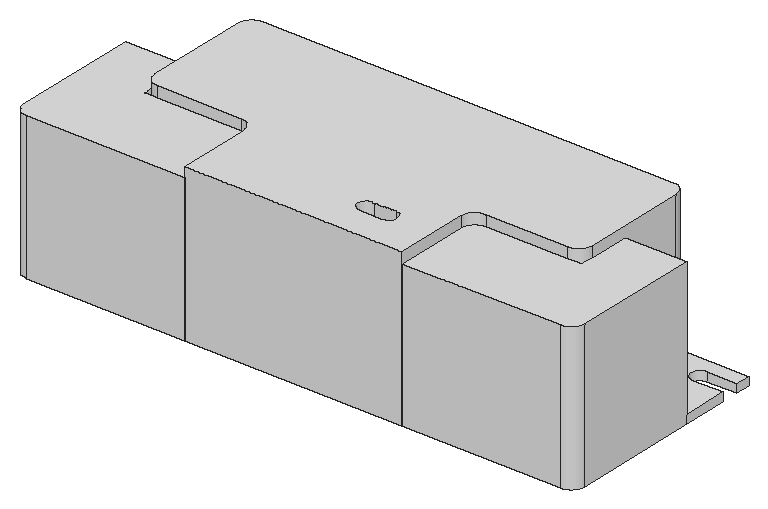
Revit family "LH3509W", category Luminarias, Revit 2019
Family settings
  Cota de conector redondo = Diámetro de uso
  Tipo de pieza = Normal
  Se basa en plano de trabajo = Sí
  Siempre vertical = No
  Corte con vacíos al cargar = No
  Origen de luz = No
  Compartido = Sí
  Punto de cálculo de habitación = No
Parameters (values of type "FUENTE_LH3509W")
  Keynote = ""
  Modelo = "LH3509W"
  Lamp = ""
  Fabricante = "BRILLANT"
  Default Elevation = 1219.2 mm
  Descripción = "FUENTE DE ALIMENTACION CON UNA CAPACIDAD DE 9W, ALIMENTACION ENTRADA 100-240VAC/50-60Hz, SALIDA 3-26VDC, 350mA, TEMPERATURA DE OPERACIÓN: 20-50C, DIMENSIONES DE 108X42X30MM, IP 20."
  Comentarios de vataje = "3-26V//100-240V"
Reference planes
  plane 1 "Centro (Frontal/Posterior)": y = 0
  plane 2: z = 0
  plane 3 "Centro (Izquierda/Derecha)": x = 0
  plane 4: x = -54
  plane 5: x = 54
  plane 6: y = 21
  plane 7: y = -21
  plane 8: z = 30
Forms (mm)
  Extrusion 1, solid, material "acabado blanco"
    sketch origin (0, 0, 0) x (1, 0, 0) y (0, 1, 0)
      loop
        arc (-39.496, 21) -> (-41.343, 20.235) -> (-42.108, 18.388) r 2.612
        line (-42.108, 18.388) -> (-42.108, -1.652)
        arc (-42.108, -1.652) -> (-41.342, -3.5) -> (-39.494, -4.265) r 2.614
        line (-39.494, -4.265) -> (-23.567, -4.265)
        arc (-23.567, -4.265) -> (-21.717, -5.032) -> (-20.951, -6.881) r 2.616
        line (-20.951, -6.881) -> (-20.951, -21) -> (20.951, -21) -> (20.951, -6.881)
        arc (20.951, -6.881) -> (21.717, -5.032) -> (23.567, -4.265) r 2.616
        line (23.567, -4.265) -> (39.494, -4.265)
        arc (39.494, -4.265) -> (41.342, -3.5) -> (42.108, -1.652) r 2.614
        line (42.108, -1.652) -> (42.108, 18.388)
        arc (42.108, 18.388) -> (41.343, 20.235) -> (39.496, 21) r 2.612
        line (39.496, 21) -> (-39.496, 21)
    from 0 to 30
  Extrusion 2, void
    sketch origin (0, 0, 0) x (1, 0, 0) y (0, 1, 0)
      loop
        arc (-46.321, -11.81) -> (-48.017, -13.505) -> (-46.321, -15.2) r 1.695
        line (-46.321, -15.2) -> (-42.105, -15.2)
        arc (-42.105, -15.2) -> (-40.41, -13.505) -> (-42.105, -11.81) r 1.695
        line (-42.105, -11.81) -> (-46.321, -11.81)
      loop
        line (12.321, -11.81) -> (8.105, -11.81)
        arc (8.105, -11.81) -> (6.41, -13.505) -> (8.105, -15.2) r 1.695
        line (8.105, -15.2) -> (12.321, -15.2)
        arc (12.321, -15.2) -> (14.017, -13.505) -> (12.321, -11.81) r 1.695
    from 17.474 to 30
  Extrusion 3, solid, material "acabado blanco"
    sketch origin (0, 0, 0) x (1, 0, 0) y (0, 1, 0)
      loop
        line (-42.108, 6.097) -> (-54, 6.097) -> (-54, -18.388)
        arc (-54, -18.388) -> (-53.235, -20.235) -> (-51.388, -21) r 2.612
        line (-51.388, -21) -> (-20.951, -21) -> (-20.951, -6.68)
        arc (-20.951, -6.68) -> (-21.659, -4.973) -> (-23.366, -4.265) r 2.415
        line (-23.366, -4.265) -> (-42.108, -4.265) -> (-42.108, 6.097)
      loop
        line (42.108, 6.097) -> (42.108, -4.265) -> (23.366, -4.265)
        arc (23.366, -4.265) -> (21.659, -4.973) -> (20.951, -6.68) r 2.415
        line (20.951, -6.68) -> (20.951, -21) -> (51.388, -21)
        arc (51.388, -21) -> (53.235, -20.235) -> (54, -18.388) r 2.612
        line (54, -18.388) -> (54, 6.097) -> (42.108, 6.097)
    from 0 to 28.02
  Extrusion 4, solid, material "acabado blanco"
    sketch origin (0, 0, 0) x (1, 0, 0) y (0, 1, 0)
      loop
        line (-48.237, 14.857) -> (-54, 14.857) -> (-54, 6.097) -> (-42.108, 6.097) -> (-42.108, 18.388)
        arc (-42.108, 18.388) -> (-41.343, 20.235) -> (-39.496, 21) r 2.612
        line (-39.496, 21) -> (-54, 21) -> (-54, 18.247) -> (-48.237, 18.247)
        arc (-48.237, 18.247) -> (-46.542, 16.552) -> (-48.237, 14.857) r 1.695
      loop
        arc (48.237, 14.857) -> (46.542, 16.552) -> (48.237, 18.247) r 1.695
        line (48.237, 18.247) -> (54, 18.247) -> (54, 21) -> (39.496, 21)
        arc (39.496, 21) -> (41.343, 20.235) -> (42.108, 18.388) r 2.612
        line (42.108, 18.388) -> (42.108, 6.097) -> (54, 6.097) -> (54, 14.857) -> (48.237, 14.857)
    from 0 to 1.641
Cuts and joins
  Extrusion 2 cuts Extrusion 1
Dimensions and locks
  equal spacing: plane 4, plane 3 "Centro (Izquierda/Derecha)", plane 5
  plane 4 to plane 3 "Centro (Izquierda/Derecha)" = 54 mm
  plane 4 to plane 5 = 108 mm
  equal spacing: plane 6, plane 1 "Centro (Frontal/Posterior)", plane 7
  plane 8 to level = 30 mm
  plane 1 "Centro (Frontal/Posterior)" to plane 6 = 21 mm
  plane 6 to plane 7 = 42 mm
  plane 5 to plane 4 = 108 mm
  aligned and locked: level to plane 2
  aligned and locked: Extrusion 1 sketch curve to plane 6
  aligned and locked: plane 8 to Extrusion 1
  aligned and locked: plane 8 to Extrusion 2
  aligned and locked: plane 4 to Extrusion 3 sketch curve
  aligned and locked: Extrusion 3 to Extrusion 1 sketch curve
Automatic sketch dimensions
  plane 4 to Extrusion 2 sketch curve = 7.679 mm
  Extrusion 2 sketch curve to Extrusion 2 sketch curve = 4.216 mm  (x2)
  plane 3 "Centro (Izquierda/Derecha)" to Extrusion 2 sketch curve = 8.105 mm
  plane 7 to Extrusion 2 sketch curve = 5.8 mm  (x2)
  Extrusion 2 sketch curve to Extrusion 2 sketch curve = 1.695 mm  (x2)
  Extrusion 1 sketch curve to plane 6 = 2.612 mm  (x2)
  plane 1 "Centro (Frontal/Posterior)" to Extrusion 1 sketch curve = 1.652 mm  (x2)
  Extrusion 1 sketch curve to Extrusion 1 sketch curve = 2.614 mm
  plane 1 "Centro (Frontal/Posterior)" to Extrusion 1 sketch curve = 6.881 mm  (x2)
  Extrusion 1 sketch curve to Extrusion 1 sketch curve = 15.927 mm
  plane 3 "Centro (Izquierda/Derecha)" to Extrusion 1 sketch curve = 20.951 mm
  Extrusion 1 sketch curve to Extrusion 1 sketch curve = 2.616 mm
  Extrusion 1 sketch curve to plane 5 = 14.504 mm
  Extrusion 1 sketch curve to plane 7 = 0 mm
  Extrusion 3 sketch curve to plane 7 = 0 mm  (x2)
  Extrusion 3 sketch curve to plane 5 = 0 mm
  Extrusion 3 sketch curve to Extrusion 3 sketch curve = 2.612 mm
  plane 1 "Centro (Frontal/Posterior)" to Extrusion 3 sketch curve = 4.265 mm
  Extrusion 3 sketch curve to Extrusion 3 sketch curve = 18.742 mm
  Extrusion 3 sketch curve to Extrusion 3 sketch curve = 2.415 mm  (x2)
  plane 3 "Centro (Izquierda/Derecha)" to Extrusion 3 sketch curve = 20.951 mm
  Extrusion 3 sketch curve to plane 5 = 2.612 mm
  plane 1 "Centro (Frontal/Posterior)" to Extrusion 3 sketch curve = 6.68 mm
  Extrusion 3 sketch curve to plane 1 "Centro (Frontal/Posterior)" = 6.097 mm  (x2)
  Extrusion 3 sketch curve to Extrusion 3 sketch curve = 11.892 mm
  Extrusion 3 sketch curve to plane 5 = 11.892 mm
  Extrusion 4 sketch curve to plane 4 = 0 mm  (x2)
  Extrusion 4 sketch curve to plane 6 = 0 mm  (x2)
  Extrusion 4 sketch curve to plane 5 = 0 mm  (x2)
  plane 4 to Extrusion 4 sketch curve = 5.763 mm
  Extrusion 4 sketch curve to Extrusion 4 sketch curve = 6.129 mm
  Extrusion 4 sketch curve to Extrusion 4 sketch curve = 2.612 mm
  Extrusion 4 sketch curve to plane 6 = 2.612 mm
  Extrusion 4 sketch curve to plane 5 = 14.504 mm
  Extrusion 4 sketch curve to plane 5 = 5.763 mm
  Extrusion 4 sketch curve to plane 6 = 2.753 mm  (x2)
  Extrusion 4 sketch curve to Extrusion 4 sketch curve = 1.695 mm  (x2)
  Extrusion 4 sketch curve to plane 1 "Centro (Frontal/Posterior)" = 6.097 mm  (x2)
Connectors
  electrical at (54, -6.145, 14.01)
    settings: on Extrusion 3, index 1, voltage 240 V, apparent load 0 VA, apparent load phase1 0 VA, apparent load phase2 0 VA, apparent load phase3 0 VA, power factor 1, load classification "Otro", number of poles 1, system type 31, power factor state 1, is connector primary yes, connector utility no, sub classification motor no, connector description ""
  electrical at (-54, -6.145, 14.01)
    settings: on Extrusion 3, index 2, voltage 26 V, apparent load 0 VA, apparent load phase1 0 VA, apparent load phase2 0 VA, apparent load phase3 0 VA, power factor 1, load classification "Otro", number of poles 1, system type 31, power factor state 1, is connector primary no, connector utility no, sub classification motor no, connector description ""
